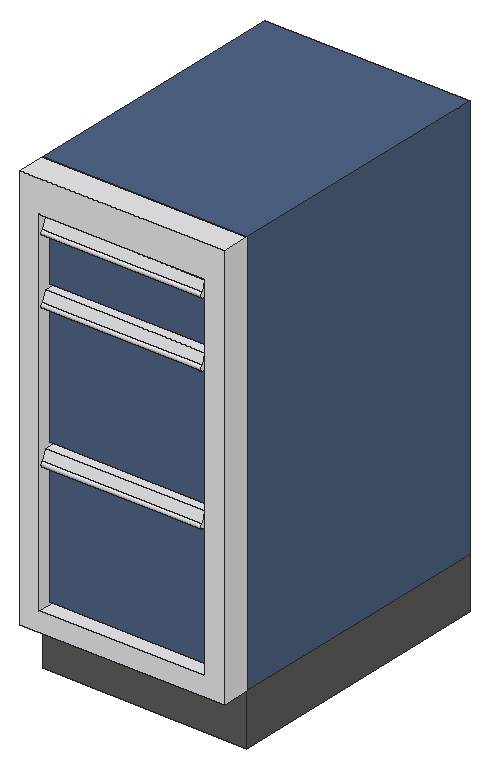
Revit family "Cabinet_Specialty-Cabinet_File-Cabinet_Moduline", category Furniture, Revit 2024
Family settings
  OmniClass Number = 23.40.20.00
  OmniClass Title = General Furniture and Specialties
  Work Plane-Based = No
  Enable Cutting in Views = No
  Always vertical = Yes
  Cut with Voids When Loaded = No
  Render Appearance Source = Family Geometry
  Shared = No
  Room Calculation Point = No
Parameters (values of type "32"H x 24"D x 16"W")
  Width = 16.000"
  URL = "https://modulinecabinets.com"
  Toe Kick Material [instance] = Metal - Moduline Aluminum Cabinets - Black
  Toe Kick Height [instance] = if(Toe Kick 2in, 2.000", 4.000")  # 4.000"
  Toe Kick 4in [instance] = not(Toe Kick 2in)  # yes
  Toe Kick 2in [instance] = no
  Product Page URL = "https://www.arcat.com/company/moduline-aluminum-cabinets-54175"
  Model = "Pro II Specialty Cabinets"
  Manufacturer = "Moduline Aluminum Cabinets"
  Keynote = "12 35 00"
  Height = 31.875"
  Handle Length = Width - 3.500"  # 12.500"
  Frame Material [instance] = Aluminum - Moduline Aluminum Cabinets - Clear Anodized
  Drawer Clearance = 20.750"  # constant formula
  Description = "Modular Specialty Cabinet, File Cabinet, 32\" Height x 24\" Depth x 16\" Width"
  Depth = 24.000"
  Default Elevation = 0.000"
  Copyright = "ARCAT"
  Cabinet Material [instance] = Aluminum - Moduline Aluminum Cabinets - Moduline Blue
  4 Drawers = no
  3 Drawers = yes
Types (2): name | Height | Description | 4 Drawers | 3 Drawers
  36"H x 24"D x 16"W | 35.875" | "Modular Specialty Cabinet, File Cabinet, 36\" Height x 24\" Depth x 16\" Width" | yes | no
  32"H x 24"D x 16"W | 31.875" | "Modular Specialty Cabinet, File Cabinet, 32\" Height x 24\" Depth x 16\" Width" | no | yes
Reference planes (in)
  plane 1 "Center Front/Back": y = 0
  plane 2 "Bottom": z = 0
  plane 3 "Center Left/Right": x = 0
  plane 4 "Top": z = 35.875
  plane 5 "Left": x = -8
  plane 6 "Right": x = 8
  plane 7 "Toe Kick Height": z = 4
  plane 8 "Front": y = -24
  plane 9 "Frame Back": y = -21.81448
  plane 10 "Drawer Handle": y = -22.31448
Forms (in)
  Extrusion 1, solid, material "Metal - Moduline Aluminum Cabinets - Black" <- "Toe Kick Material"
    sketch origin (0, 0, 0) x (0, 1, 0) y (0, 0, 1)
      loop
        line (-21.81448, 4) -> (-21.81448, 0) -> (0, 0) -> (0, 4) -> (-21.81448, 4)
    from -8 to 8
  Extrusion 2, solid, material "Aluminum - Moduline Aluminum Cabinets - Moduline Blue" <- "Cabinet Material", visible <- "4 Drawers"
    sketch origin (0, 0, 0) x (0, 1, 0) y (0, 0, 1)
      loop
        line (-21.81448, 35.875) -> (-21.81448, 4) -> (0, 4) -> (0, 35.875) -> (-21.81448, 35.875)
    from -8 to 8
  Extrusion 3, solid, material "Aluminum - Moduline Aluminum Cabinets - Clear Anodized" <- "Frame Material"
    sketch origin (0, 0, 0) x (1, 0, 0) y (0, 0, 1)
      loop
        line (-8, 35.875) -> (-8, 4) -> (8, 4) -> (8, 35.875) -> (-8, 35.875)
      loop
        line (-6.5, 33.38183) -> (-6.5, 5.5) -> (6.5, 5.5) -> (6.5, 33.38183) -> (-6.5, 33.38183)
    from 21.81448 to 24
  Extrusion 4, solid, material "Aluminum - Moduline Aluminum Cabinets - Moduline Blue" <- "Cabinet Material", visible <- "4 Drawers"
    sketch origin (0, 0, 0) x (1, 0, 0) y (0, 0, 1)
      loop
        line (-6.25, 28.28183) -> (-6.25, 24.78183) -> (6.25, 24.78183) -> (6.25, 28.28183) -> (-6.25, 28.28183)
      loop
        line (-6.25, 23.98183) -> (-6.25, 13.48183) -> (6.25, 13.48183) -> (6.25, 23.98183) -> (-6.25, 23.98183)
      loop
        line (-6.25, 12.68183) -> (-6.25, 1.895) -> (6.25, 1.895) -> (6.25, 12.68183) -> (-6.25, 12.68183)
      loop
        line (-6.25, 32.58183) -> (-6.25, 29.08183) -> (6.25, 29.08183) -> (6.25, 32.58183) -> (-6.25, 32.58183)
    from 21.81448 to 23.30112
  Extrusion 5, solid, material "Aluminum - Moduline Aluminum Cabinets - Moduline Blue" <- "Cabinet Material", visible <- "3 Drawers"
    sketch origin (0, 0, 0) x (1, 0, 0) y (0, 0, 1)
      loop
        line (-6.25, 32.75683) -> (-6.25, 28.25683) -> (6.25, 28.25683) -> (6.25, 32.75683) -> (-6.25, 32.75683)
      loop
        line (-6.25, 27.63183) -> (-6.25, 17.13183) -> (6.25, 17.13183) -> (6.25, 27.63183) -> (-6.25, 27.63183)
      loop
        line (-6.25, 16.50683) -> (-6.25, 5.895) -> (6.25, 5.895) -> (6.25, 16.50683) -> (-6.25, 16.50683)
    from 21.81448 to 23.30112
  Extrusion 6, solid, material "Aluminum - Moduline Aluminum Cabinets - Moduline Blue" <- "Cabinet Material", visible <- "3 Drawers"
    sketch origin (0, 0, 0) x (0, 1, 0) y (0, 0, 1)
      loop
        line (-21.81448, 35.875) -> (-21.81448, 4) -> (0, 4) -> (0, 35.875) -> (-21.81448, 35.875)
    from -8 to 8
Lines and regions (in)
  Masking region 1
    outline origin (0, 0, 0) x (1, 0, 0) y (0, 1, 0)
      loop
        line (-8, 0) -> (-8, -24) -> (8, -24) -> (8, 0) -> (-8, 0)
  model lines
    curve 1: line (8, 0, 35.3385) -> (8, 0, 35.50732)
  symbolic lines, style "FurnitureHiddenLines"
    curve 2: line (-8, -24, 35.875) -> (-8, -44.75, 35.875)
    curve 3: line (-8, -44.75, 35.875) -> (8, -44.75, 35.875)
    curve 4: line (8, -44.75, 35.875) -> (8, -24, 35.875)
Dimensions and locks (in)
  "Toe Kick Height": plane 7 "Toe Kick Height" to plane 2 "Bottom"
  "Height": plane 4 "Top" to plane 7 "Toe Kick Height"
  "Width": plane 6 "Right" to plane 5 "Left"
  equal spacing: plane 6 "Right", plane 3 "Center Left/Right", plane 5 "Left"
  locked: plane 8 "Front" to Extrusion 1 sketch curve at 2.18552
  plane 8 "Front" to Extrusion 2 sketch curve = 2.18552"
  plane 9 "Frame Back" to plane 8 "Front" = 2.18552"
  locked: Extrusion 2 to Extrusion 3 sketch curve at 1.5
  locked: Extrusion 3 sketch curve to Extrusion 2 at 1.5
  plane 9 "Frame Back" to plane 10 "Drawer Handle" = 0.500"
  "Depth": plane 8 "Front" to plane 1 "Center Front/Back"
  "Drawer Clearance": curve 3 to plane 8 "Front"
  plane 4 "Top" to Extrusion 3 sketch curve = 2.49317"
  plane 10 "Drawer Handle" to plane 8 "Front" = 1.68552"
  equal spacing: Extrusion 4 sketch curve, plane 3 "Center Left/Right", Extrusion 4 sketch curve  (x4)
  locked: plane 4 "Top" to nested 1 at 3.52451
  locked: plane 4 "Top" to nested 2 at 7.82451
  locked: plane 4 "Top" to nested 3 at 12.12451
  locked: plane 4 "Top" to nested 4 at 23.42451
  locked: plane 4 "Top" to nested 5 at 3.34951
  locked: plane 4 "Top" to nested 6 at 8.47451
  locked: plane 4 "Top" to nested 7 at 19.59951
  aligned and locked: level to plane 2 "Bottom"
  aligned and locked: plane 7 "Toe Kick Height" to Extrusion 1 sketch curve
  aligned and locked: plane 1 "Center Front/Back" to Extrusion 1 sketch curve
  aligned and locked: plane 2 "Bottom" to Extrusion 1 sketch curve
  aligned and locked: plane 6 "Right" to Extrusion 1
  aligned and locked: Extrusion 1 to plane 5 "Left"
  aligned and locked: plane 1 "Center Front/Back" to Extrusion 2 sketch curve
  aligned and locked: Extrusion 2 sketch curve to plane 4 "Top"
  aligned and locked: Extrusion 2 sketch curve to plane 7 "Toe Kick Height"
  aligned and locked: plane 6 "Right" to Extrusion 2
  aligned and locked: Extrusion 2 to plane 5 "Left"
  aligned and locked: Extrusion 3 sketch curve to plane 4 "Top"
  aligned and locked: plane 5 "Left" to Extrusion 3 sketch curve
  aligned and locked: Extrusion 3 sketch curve to plane 6 "Right"
  aligned and locked: Extrusion 3 sketch curve to plane 7 "Toe Kick Height"
  aligned and locked: Extrusion 3 to plane 8 "Front"
  aligned and locked: plane 9 "Frame Back" to Extrusion 3
  aligned and locked: plane 9 "Frame Back" to Extrusion 4
  aligned and locked: Masking region 1 sketch curve to plane 6 "Right"
  aligned and locked: plane 1 "Center Front/Back" to Masking region 1 sketch curve
  aligned and locked: plane 5 "Left" to Masking region 1 sketch curve
  aligned and locked: plane 8 "Front" to Masking region 1 sketch curve
  aligned and locked: plane 3 "Center Left/Right" to nested 1
  aligned and locked: plane 3 "Center Left/Right" to nested 2
  aligned and locked: plane 3 "Center Left/Right" to nested 3
  aligned and locked: plane 3 "Center Left/Right" to nested 4
  aligned and locked: plane 3 "Center Left/Right" to nested 7
  aligned and locked: plane 3 "Center Left/Right" to nested 6
  aligned and locked: plane 3 "Center Left/Right" to nested 5
Automatic sketch dimensions
  curve 1 to plane 6 "Right" = 0.000"
  curve 1 to plane 4 "Top" = 0.5365"
  curve 1 to curve 1 = 0.16882"
  Extrusion 3 sketch curve to plane 6 "Right" = 1.500"
  plane 5 "Left" to Extrusion 5 sketch curve = 1.750"  (x2)
  Extrusion 5 sketch curve to Extrusion 5 sketch curve = 0.000"  (x2)
  Extrusion 5 sketch curve to plane 6 "Right" = 1.750"  (x2)
  Extrusion 5 sketch curve to Extrusion 5 sketch curve = 0.625"  (x2)
  plane 7 "Toe Kick Height" to Extrusion 6 sketch curve = 0.000"
  Extrusion 6 sketch curve to plane 9 "Frame Back" = 0.000"
  Extrusion 6 sketch curve to plane 1 "Center Front/Back" = 0.000"
  Extrusion 6 sketch curve to plane 4 "Top" = 0.000"
  Extrusion 4 sketch curve to Extrusion 4 sketch curve = 0.000"  (x2)
  Extrusion 4 sketch curve to Extrusion 4 sketch curve = 10.78683"
  Extrusion 4 sketch curve to Extrusion 4 sketch curve = 0.800"  (x3)
  Extrusion 4 sketch curve to Extrusion 4 sketch curve = 3.500"  (x2)
  Extrusion 4 sketch curve to plane 4 "Top" = 3.29317"
  plane 5 "Left" to Extrusion 4 sketch curve = 1.750"  (x2)
  Extrusion 5 sketch curve to plane 4 "Top" = 8.24317"
  Extrusion 5 sketch curve to plane 4 "Top" = 3.11817"
  Extrusion 5 sketch curve to Extrusion 5 sketch curve = 10.61183"
  Extrusion 4 sketch curve to Extrusion 4 sketch curve = 10.500"
  Extrusion 5 sketch curve to Extrusion 5 sketch curve = 10.500"
  curve 4 to plane 6 "Right" = 0.000"
  curve 3 to plane 5 "Left" = 0.000"
  curve 4 to plane 8 "Front" = 0.000"
  curve 2 to plane 8 "Front" = 0.000"
Nested families (in)
  nested 1: "NEST_QuickDraw-Single_Action_Latch_System" at (0, -22.31448, 32.35049) x (1, 0, 0) z (0, -1, 0), Length <- "Handle Length", Drawer Handle Material <- "Frame Material", visible <- "4 Drawers", type "NEST_QuickDraw-Single_Action_Latch_System"
    with Length 12.500", Drawer Handle Material Aluminum - Moduline Aluminum Cabinets - Clear Anodized
  nested 2: "NEST_QuickDraw-Single_Action_Latch_System" at (0, -22.31448, 28.05049) x (1, 0, 0) z (0, -1, 0), Length <- "Handle Length", Drawer Handle Material <- "Frame Material", visible <- "4 Drawers", type "NEST_QuickDraw-Single_Action_Latch_System"
    with Length 12.500", Drawer Handle Material Aluminum - Moduline Aluminum Cabinets - Clear Anodized
  nested 3: "NEST_QuickDraw-Single_Action_Latch_System" at (0, -22.31448, 23.75049) x (1, 0, 0) z (0, -1, 0), Length <- "Handle Length", Drawer Handle Material <- "Frame Material", visible <- "4 Drawers", type "NEST_QuickDraw-Single_Action_Latch_System"
    with Length 12.500", Drawer Handle Material Aluminum - Moduline Aluminum Cabinets - Clear Anodized
  nested 4: "NEST_QuickDraw-Single_Action_Latch_System" at (0, -22.31448, 12.45049) x (1, 0, 0) z (0, -1, 0), Length <- "Handle Length", Drawer Handle Material <- "Frame Material", visible <- "4 Drawers", type "NEST_QuickDraw-Single_Action_Latch_System"
    with Length 12.500", Drawer Handle Material Aluminum - Moduline Aluminum Cabinets - Clear Anodized
  nested 5: "NEST_QuickDraw-Single_Action_Latch_System" at (0, -22.31448, 32.52549) x (1, 0, 0) z (0, -1, 0), Length <- "Handle Length", visible <- "3 Drawers", Drawer Handle Material <- "Frame Material", type "NEST_QuickDraw-Single_Action_Latch_System"
    with Length 12.500", Drawer Handle Material Aluminum - Moduline Aluminum Cabinets - Clear Anodized
  nested 6: "NEST_QuickDraw-Single_Action_Latch_System" at (0, -22.31448, 27.40049) x (1, 0, 0) z (0, -1, 0), Length <- "Handle Length", visible <- "3 Drawers", Drawer Handle Material <- "Frame Material", type "NEST_QuickDraw-Single_Action_Latch_System"
    with Length 12.500", Drawer Handle Material Aluminum - Moduline Aluminum Cabinets - Clear Anodized
  nested 7: "NEST_QuickDraw-Single_Action_Latch_System" at (0, -22.31448, 16.27549) x (1, 0, 0) z (0, -1, 0), Length <- "Handle Length", visible <- "3 Drawers", Drawer Handle Material <- "Frame Material", type "NEST_QuickDraw-Single_Action_Latch_System"
    with Length 12.500", Drawer Handle Material Aluminum - Moduline Aluminum Cabinets - Clear Anodized
Definition of nested family "NEST_QuickDraw-Single_Action_Latch_System"
  Parameters (values of type "NEST_QuickDraw-Single_Action_Latch_System")
    Length [instance] = 32.29395"
    Drawer Handle Material [instance] = none
    Default Elevation = 48.000"
  Reference planes (in)
    plane 1 "Center (Front/Back)": y = 0
    plane 2: z = 0
    plane 3 "Center (Left/Right)": x = 0
    plane 4: x = 16.14697
    plane 5: x = -16.14697
  Forms (in)
    Extrusion 1, solid
      sketch origin (0, 0, 0) x (1, 0, 0) y (0, 1, 0)
        loop
          line (-48, 48) -> (-48, -48) -> (48, -48) -> (48, 48) -> (-48, 48)
      from 0 to -12
    Extrusion 2, solid, material <- "Drawer Handle Material"
      sketch origin (0.42706, -2.62559, -0.04495) x (0, 1, 0) y (0, 0, 1)
        loop
          line (3.19475, 0.04495) -> (3.19475, 1.41644) -> (2.42653, 1.66605)
          arc (2.42653, 1.66605) -> (2.07868, 1.7476) -> (2.33745, 1.50125) r 0.18511
          line (2.33745, 1.50125) -> (2.85692, 1.33246) -> (2.85692, 0.04495) -> (3.19475, 0.04495)
      from -16.57403 to 15.71991
  Dimensions and locks (in)
    equal spacing: plane 5, plane 3 "Center (Left/Right)", plane 4
    "Length": plane 5 to plane 4
    aligned and locked: plane 2 to Extrusion 1
    aligned and locked: level to Extrusion 1
    aligned and locked: plane 2 to Extrusion 2 sketch curve
    aligned and locked: plane 5 to Extrusion 2
    aligned and locked: plane 4 to Extrusion 2
  Automatic sketch dimensions
    Extrusion 1 sketch curve to Extrusion 1 sketch curve = 96.000"  (x2)
    Extrusion 2 sketch curve to Extrusion 2 sketch curve = 0.09592"
    Extrusion 2 sketch curve to Extrusion 2 sketch curve = 0.185"
    Extrusion 2 sketch curve to Extrusion 2 sketch curve = 0.51947"
    Extrusion 2 sketch curve to Extrusion 2 sketch curve = 0.33783"
    Extrusion 2 sketch curve to Extrusion 2 sketch curve = 1.28751"
    Extrusion 2 sketch curve to Extrusion 2 sketch curve = 0.08398"
    Extrusion 2 sketch curve to Extrusion 2 sketch curve = 0.16879"
    Extrusion 2 sketch curve to Extrusion 2 sketch curve = 0.15832"
    plane 1 "Center (Front/Back)" to Extrusion 2 sketch curve = 0.38405"
